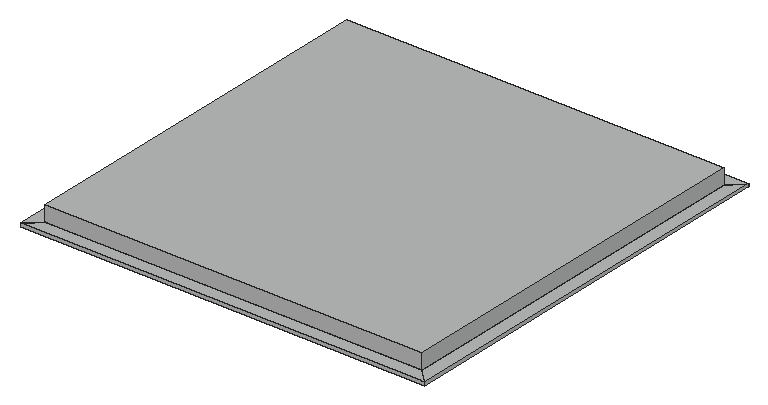
Revit family "AVRORA", category Осветительные приборы, Revit 2019 (continued)
Types (10, lengths in mm): name | built-in parameter 1150134 | Файл фотометрической сетки | built-in parameter 1150142 | built-in parameter 1150107 | Emit from Rectangle Width | Emit from Rectangle Length | Длина | Ширина | ADSK_Обозначение | ADSK_Наименование | ADSK_Код изделия
    39.700 699.700 659.600 618.900 577.800 536.400 494.900 453.500 411.300 368.800 325.700 284.500 242.100 203.700 161.800 126.000 92.200 \r\n61.000 30.300 6.700 1.000 \r\n1326.300 1325.200 1322.100 1316.600 1309.200 1299.600 1287.900 1272.700 1257.300 1238.300 1218.000 1196.100 1171.800 1146.500 1119.000 1090.600 1059.800 1028.900 996.100 \r\n962.400 927.400 891.500 854.800 817.300 778.800 740.100 700.200 659.900 619.500 578.500 536.800 495.000 453.600 411.400 368.600 325.700 284.600 241.700 203.400 161.300 125.500 91.600 \r\n60.800 30.800 5.700 1.000 \r\n1326.000 1325.200 1322.200 1316.800 1309.300 1299.500 1287.300 1273.000 1256.300 1238.900 1218.300 1196.700 1172.100 1146.700 1119.100 1091.100 1061.000 1029.100 996.400 \r\n962.500 927.600 891.500 854.900 817.400 779.200 740.100 700.300 660.200 619.200 578.300 536.900 495.700 453.600 411.400 368.100 325.700 284.300 241.800 203.400 161.200 125.300 91.600 \r\n60.600 31.000 5.000 1.000 \r\n1326.100 1326.100 1321.900 1316.900 1309.000 1299.400 1286.800 1273.300 1256.700 1239.200 1218.100 1196.400 1172.400 1146.800 1119.300 1091.200 1060.700 1029.300 996.500 \r\n962.400 927.700 891.800 855.300 817.700 779.600 740.400 700.600 660.400 619.600 578.500 537.200 495.700 453.800 411.300 367.800 325.600 284.100 242.000 203.500 161.500 124.800 91.700 \r\n60.100 31.100 5.400 1.000 \r\n1326.100 1325.200 1321.900 1316.900 1309.000 1299.300 1287.100 1273.300 1256.600 1238.600 1218.800 1196.100 1172.400 1147.100 1120.000 1091.300 1060.200 1029.500 997.500 \r\n962.400 927.900 892.100 855.400 818.000 779.800 740.800 700.800 660.700 620.100 579.200 537.500 496.100 454.000 411.500 367.600 325.700 284.100 242.100 202.900 161.700 124.500 91.600 \r\n59.600 30.700 5.300 0.900 \r\n1326.100 1324.900 1322.600 1316.600 1309.200 1299.500 1287.400 1273.400 1258.000 1238.500 1218.600 1197.100 1172.400 1147.100 1120.000 1091.300 1061.500 1029.700 997.800 \r\n963.700 928.100 892.600 855.600 818.100 780.000 740.800 700.500 661.000 620.000 579.200 537.700 496.700 454.300 411.300 367.400 325.600 283.400 242.200 202.500 161.900 124.500 91.100 \r\n59.100 30.500 5.100 0.900 \r\n1326.000 1325.200 1322.900 1316.800 1309.600 1299.500 1287.200 1273.100 1258.000 1238.700 1218.900 1196.200 1172.900 1147.200 1120.100 1091.500 1061.600 1030.000 997.400 \r\n963.100 928.400 892.500 855.900 818.300 780.000 741.300 701.200 661.200 620.300 579.800 538.000 496.600 454.200 411.100 367.500 325.500 283.000 242.300 201.300 162.000 124.700 90.300 \r\n58.500 30.300 5.000 0.800 \r\n1326.000 1325.700 1322.200 1316.900 1309.300 1299.600 1287.300 1273.400 1257.000 1239.600 1218.800 1196.900 1173.100 1147.500 1120.300 1092.000 1061.400 1030.400 998.400 \r\n964.000 928.600 892.600 855.900 818.500 780.200 741.400 701.500 661.400 620.500 579.800 538.100 496.300 454.300 410.900 367.500 325.600 282.200 242.500 200.500 162.100 125.000 89.700 \r\n58.200 29.800 3.700 0.800 \r\n1326.000 1325.600 1322.100 1317.100 1309.100 1299.900 1287.300 1273.400 1257.400 1238.500 1218.900 1197.000 1173.100 1147.700 1120.200 1092.100 1061.400 1030.000 997.500 \r\n963.000 928.900 893.300 856.100 818.600 780.400 741.600 701.800 661.600 620.700 579.900 538.200 496.500 454.500 410.800 367.500 325.500 281.800 242.600 200.300 162.000 125.100 89.300 \r\n57.700 29.300 4.000 0.800 \r\n1326.400 1325.700 1322.900 1317.100 1309.600 1299.800 1288.100 1273.700 1258.400 1238.600 1219.000 1197.900 1173.400 1147.900 1120.500 1092.000 1062.200 1030.300 997.100 \r\n962.800 929.200 893.200 856.400 818.900 780.700 741.800 701.600 661.900 621.200 580.000 538.400 497.100 454.500 410.700 367.500 325.500 281.600 242.600 200.200 161.800 125.100 89.300 \r\n57.300 29.400 4.200 0.700 \r\n1326.400 1325.800 1322.800 1317.200 1309.500 1299.700 1287.600 1273.800 1258.100 1238.700 1219.400 1197.000 1173.400 1147.700 1120.800 1092.200 1061.500 1030.400 997.400 \r\n964.300 929.400 893.400 856.600 819.000 781.000 741.900 702.200 662.200 621.300 580.500 538.700 497.000 454.600 410.500 367.600 325.600 281.500 242.700 200.500 161.600 125.000 89.500 \r\n57.300 28.900 4.400 0.700 \r\n1326.200 1325.900 1322.700 1317.100 1309.300 1299.800 1287.600 1273.900 1257.600 1239.500 1219.400 1197.500 1173.200 1147.700 1121.000 1092.000 1061.500 1030.500 998.600 \r\n964.400 929.500 893.400 856.800 819.400 781.300 742.200 702.300 662.100 621.400 580.900 538.800 497.000 454.600 410.400 367.700 325.600 281.900 242.700 200.200 161.200 124.800 89.400 \r\n57.600 28.000 4.500 0.600 \r\n1326.400 1325.500 1322.900 1317.100 1309.400 1299.800 1287.600 1273.600 1258.100 1239.300 1219.700 1197.400 1173.100 1147.800 1120.800 1092.100 1061.300 1030.600 998.300 \r\n965.000 929.700 893.400 857.000 819.500 781.500 742.200 702.600 662.100 621.600 580.400 538.900 497.300 454.700 410.500 367.700 325.400 281.800 242.700 200.500 160.700 124.600 89.500 \r\n57.800 27.700 4.700 0.600 \r\n1326.200 1326.100 1322.600 1317.100 1309.800 1300.000 1287.900 1273.800 1258.300 1239.800 1219.400 1197.000 1173.800 1148.100 1120.900 1092.300 1063.000 1030.700 998.300 \r\n964.500 929.800 893.900 857.000 819.800 781.700 742.600 702.700 662.500 621.700 580.900 539.100 497.600 454.700 410.400 367.800 325.400 282.000 242.900 200.600 160.400 124.500 89.500 \r\n57.900 28.400 4.200 0.600 \r\n1326.100 1325.500 1322.800 1317.100 1309.500 1300.100 1287.900 1273.900 1257.800 1239.800 1219.100 1196.800 1174.000 1148.200 1121.200 1092.500 1062.200 1031.000 998.700 \r\n964.500 929.700 894.500 857.100 819.900 781.800 742.600 703.000 662.600 621.600 580.700 539.200 497.600 454.700 410.500 367.900 325.400 282.100 242.900 200.700 160.200 124.200 89.600 \r\n57.800 28.500 3.900 0.600 \r\n1326.200 1325.400 1322.500 1317.400 1309.600 1300.300 1287.500 1273.800 1258.300 1239.800 1219.100 1197.500 1174.100 1148.400 1121.100 1093.000 1062.700 1031.200 998.400 \r\n964.000 929.800 894.600 857.300 819.900 781.900 742.600 703.100 662.800 621.900 580.800 539.300 497.400 454.800 410.600 368.000 325.500 282.200 242.900 200.900 160.200 124.100 89.500 \r\n57.800 28.500 3.800 0.500 \r\n1326.100 1325.200 1322.400 1317.100 1309.800 1300.200 1287.700 1274.100 1258.400 1240.300 1219.400 1197.800 1173.900 1148.300 1121.200 1092.600 1063.200 1031.200 998.900 \r\n965.200 930.100 893.800 857.500 820.100 782.000 742.900 702.900 662.700 622.000 581.100 539.600 497.900 455.000 410.800 368.100 325.800 282.300 243.100 200.900 160.300 124.200 89.500 \r\n57.800 28.500 3.800 0.500 \r\n1326.100 1325.400 1322.500 1317.300 1310.000 1300.200 1288.500 1274.200 1258.200 1240.200 1219.300 1197.400 1173.800 1148.500 1121.300 1092.900 1062.200 1031.300 \r\n999.100 965.100 930.200 894.200 857.700 820.200 782.000 743.000 703.100 663.000 622.100 581.400 539.700 497.800 455.000 410.600 368.100 325.800 282.400 243.100 200.800 160.200 \r\n124.300 89.500 57.500 27.800 3.500 0.500 \r\n1326.200 1325.900 1322.500 1317.500 1310.000 1300.100 1288.100 1274.300 1258.500 1239.600 1219.800 1197.700 1174.300 1148.500 1121.300 1092.500 1063.100 1031.400 998.900 \r\n965.700 930.200 894.100 857.800 820.200 782.000 743.200 703.400 663.100 622.200 581.000 540.000 497.900 455.200 410.900 368.300 325.900 282.400 243.200 200.800 160.300 124.100 89.000 \r\n56.700 27.700 3.900 0.500 \r\n1326.200 1325.800 1322.800 1317.500 1309.900 1300.000 1288.800 1274.200 1258.500 1239.900 1219.700 1197.400 1174.400 1148.500 1121.500 1092.600 1062.600 1031.800 998.900 \r\n965.100 930.400 894.800 857.800 820.400 782.000 743.300 703.600 663.000 622.200 581.400 540.100 497.900 455.400 411.200 368.500 326.100 282.500 243.200 200.700 160.400 123.600 88.300 \r\n56.900 28.500 4.000 0.600 \r\n1325.900 1326.000 1322.700 1317.300 1309.900 1299.900 1288.900 1274.200 1258.600 1239.300 1219.600 1197.500 1174.100 1148.700 1121.700 1092.400 1063.100 1031.900 998.700 \r\n965.600 930.300 895.400 857.800 820.400 782.100 743.200 703.300 663.100 622.000 581.400 540.100 497.900 455.500 411.300 368.500 326.200 282.400 243.000 200.400 160.100 123.300 88.600 \r\n57.700 27.900 4.200 0.700 \r\n1325.700 1325.700 1322.500 1317.200 1310.100 1300.000 1288.500 1274.100 1258.800 1240.300 1219.600 1197.500 1173.600 1148.800 1121.800 1092.600 1063.300 1031.800 \r\n999.400 965.600 930.200 895.000 857.700 820.500 782.200 743.300 703.400 663.500 622.700 581.300 540.100 498.100 455.600 411.400 368.600 326.100 282.200 242.600 200.200 160.100 \r\n124.000 89.400 58.200 28.400 5.000 0.700 \r\n1326.000 1325.800 1322.400 1317.400 1309.900 1299.900 1288.200 1274.300 1257.500 1240.600 1219.500 1198.100 1173.500 1148.600 1121.500 1092.700 1063.300 1031.900 \r\n999.700 965.300 930.500 894.800 857.800 820.600 782.100 743.400 703.500 663.600 622.500 581.400 540.000 498.300 455.700 411.600 368.600 326.000 282.000 242.400 200.400 160.900 \r\n124.900 90.100 57.700 29.300 5.200 0.800 \r\n1326.000 1325.500 1322.800 1317.300 1310.100 1300.300 1288.700 1274.300 1258.600 1240.300 1220.000 1198.000 1174.300 1148.700 1121.600 1092.700 1063.400 1031.500 \r\n999.100 965.600 930.500 894.500 857.900 820.700 782.300 743.400 703.900 663.600 622.300 581.700 540.000 498.300 455.600 411.700 368.400 325.900 281.900 242.700 200.800 161.800 \r\n125.600 90.200 57.500 30.000 4.900 0.800 \r\n1326.200 1325.500 1322.700 1317.500 1310.300 1300.100 1288.100 1274.400 1257.900 1239.300 1220.300 1198.000 1174.200 1148.600 1121.800 1092.700 1063.900 1031.700 \r\n999.300 965.700 930.500 894.900 857.900 820.800 782.500 743.300 703.600 663.600 622.800 581.600 540.100 498.600 455.700 411.800 368.500 326.200 282.300 243.000 201.200 162.700 \r\n126.000 89.800 58.400 30.500 4.300 0.800 \r\n1326.300 1325.600 1322.600 1317.400 1310.200 1300.300 1288.300 1274.100 1257.700 1239.600 1220.200 1197.800 1174.100 1148.600 1121.500 1092.800 1063.000 1031.600 \r\n999.100 965.800 930.400 894.800 858.100 820.700 782.300 743.400 703.700 663.800 622.700 581.800 540.300 498.400 455.700 411.900 368.500 326.700 283.400 243.500 202.000 163.200 \r\n126.100 89.600 59.100 31.100 4.300 0.800 \r\n1326.100 1325.300 1322.300 1317.200 1310.200 1300.600 1288.500 1274.400 1258.500 1239.900 1220.100 1197.800 1174.100 1148.500 1121.500 1092.900 1063.300 1031.800 \r\n999.600 965.300 930.800 894.700 858.100 820.500 782.300 743.300 703.900 663.600 622.600 581.800 540.200 498.600 455.700 412.200 368.600 327.100 284.300 244.000 202.800 163.600 \r\n125.300 90.500 59.600 31.600 4.400 0.900 \r\n1326.100 1325.700 1322.000 1317.100 1310.300 1300.400 1288.700 1274.300 1257.600 1240.000 1219.800 1198.200 1174.000 1148.600 1121.600 1092.900 1063.400 1031.800 998.500 \r\n965.800 930.600 895.300 858.000 820.400 782.300 743.300 703.900 663.500 622.900 581.700 540.500 498.600 455.900 412.800 368.900 327.300 285.000 244.300 203.800 162.700 125.200 91.600 \r\n60.200 31.900 5.600 0.900 \r\n1326.300 1325.900 1322.200 1317.300 1310.100 1300.100 1288.200 1274.400 1258.500 1240.600 1220.000 1197.700 1174.100 1148.600 1121.500 1093.000 1064.100 1031.900 \r\n999.400 965.500 930.600 894.400 857.900 820.400 782.200 743.400 703.900 663.500 623.000 581.600 540.400 498.500 456.200 413.500 369.500 327.700 285.900 244.600 204.500 162.900 \r\n125.600 92.800 60.800 32.100 6.600 0.900 \r\n1326.000 1325.700 1322.500 1317.600 1310.300 1300.300 1288.800 1274.800 1258.800 1239.900 1220.100 1197.500 1174.600 1148.600 1121.400 1092.800 1063.400 1032.200 \r\n999.100 965.000 930.700 894.400 857.800 820.400 782.200 743.300 703.700 663.400 622.200 581.900 540.300 498.600 456.400 413.900 370.100 328.100 286.600 244.600 204.300 162.600 \r\n127.000 93.300 61.600 32.100 6.700 0.900 \r\n1326.000 1325.500 1322.500 1317.400 1310.000 1300.300 1288.600 1274.500 1258.400 1239.500 1219.700 1197.600 1174.800 1148.700 1121.600 1092.800 1063.300 1031.800 \r\n999.200 964.900 930.600 894.500 857.800 820.500 782.300 743.300 703.500 663.200 622.500 581.800 540.300 498.900 456.700 414.600 370.900 328.400 287.200 244.600 205.400 163.300 \r\n127.300 93.500 62.200 31.800 6.400 1.000 \r\n1326.100 1325.900 1322.600 1317.200 1310.100 1300.500 1288.600 1274.500 1258.200 1239.100 1219.600 1198.000 1174.600 1148.700 1121.600 1092.900 1063.400 1031.900 998.500 \r\n965.900 930.500 894.500 857.900 820.600 782.100 743.300 703.400 663.200 622.800 581.300 540.300 498.700 456.900 415.000 371.700 328.800 287.600 243.200 204.800 164.400 127.600 93.900 \r\n62.700 31.600 6.300 1.000 \r\n1325.900 1325.400 1322.700 1317.300 1310.200 1300.200 1288.400 1274.400 1257.600 1239.800 1219.700 1198.000 1174.500 1148.600 1121.700 1093.000 1062.800 1031.400 998.400 \r\n965.200 930.400 894.100 857.700 820.500 782.000 743.200 703.300 663.100 622.600 581.300 540.100 498.900 456.900 415.100 372.200 329.200 287.800 244.900 205.300 164.600 128.200 94.400 \r\n63.000 31.700 6.300 1.100 \r\n1325.800 1325.300 1322.300 1317.500 1310.000 1300.200 1289.300 1274.400 1257.700 1239.800 1219.700 1197.900 1174.300 1148.500 1121.500 1092.700 1062.600 1031.500 \r\n999.100 965.600 930.500 894.500 857.600 820.200 781.800 743.200 703.400 663.000 622.200 581.300 539.900 498.700 457.000 415.100 372.700 329.600 287.900 245.800 206.800 164.800 \r\n129.400 95.000 63.300 32.100 7.900 1.100 \r\n1326.000 1325.700 1322.500 1317.600 1310.200 1299.700 1288.400 1274.000 1257.800 1239.700 1219.600 1197.800 1174.000 1148.400 1121.500 1092.600 1063.500 1031.400 998.500 \r\n965.600 930.000 894.100 857.600 820.000 781.700 743.100 703.300 663.100 622.500 581.500 540.000 498.800 457.000 415.300 373.200 330.200 287.100 246.100 207.400 165.900 130.600 96.000 \r\n64.000 33.000 9.100 1.100 \r\n1326.000 1325.500 1322.700 1317.500 1310.200 1300.000 1289.300 1274.500 1257.500 1239.800 1219.800 1197.900 1173.800 1148.400 1121.500 1092.500 1062.500 1031.400 998.300 \r\n965.700 929.900 894.100 857.600 819.900 781.600 743.100 703.200 663.100 622.700 581.400 540.000 498.600 456.900 415.200 373.400 330.800 287.400 246.800 207.400 167.100 131.400 97.100 \r\n64.300 34.000 10.000 1.100 \r\n1326.300 1325.500 1322.700 1317.400 1309.900 1300.100 1288.500 1274.500 1258.000 1239.500 1219.600 1197.700 1173.700 1148.400 1121.500 1092.500 1062.900 1031.000 998.900 \r\n965.000 929.900 893.900 857.500 819.900 781.500 743.000 703.300 663.000 622.300 581.300 540.000 498.400 456.900 415.200 373.500 331.400 288.700 248.100 207.800 168.300 131.700 97.600 \r\n64.200 34.900 10.800 1.100 \r\n1326.600 1325.400 1322.800 1317.500 1310.000 1300.500 1288.500 1273.900 1258.700 1239.400 1219.700 1197.600 1174.000 1148.200 1121.700 1092.400 1063.500 1031.400 998.000 \r\n964.500 929.900 894.100 857.300 819.700 781.500 742.800 703.100 662.800 622.500 581.600 539.800 498.900 457.000 415.200 373.700 331.800 289.200 249.100 208.400 169.000 132.000 98.000 \r\n64.500 35.800 11.500 1.100 \r\n1326.500 1325.000 1322.500 1317.500 1310.100 1300.400 1288.200 1274.400 1258.600 1240.100 1219.600 1197.400 1173.600 1148.200 1121.400 1092.300 1062.600 1031.400 998.600 \r\n965.000 929.800 894.000 857.300 819.600 781.400 742.700 702.900 662.600 622.100 581.300 539.900 498.500 456.900 415.300 373.800 331.700 289.700 249.700 209.600 169.400 132.200 98.200 \r\n64.400 36.700 11.900 1.100 \r\n1326.400 1325.300 1322.600 1317.400 1310.300 1300.200 1288.700 1273.800 1258.500 1239.800 1219.700 1197.500 1173.600 1148.000 1121.000 1092.300 1062.300 1031.300 998.800 \r\n964.300 929.600 894.000 857.200 819.600 781.300 742.500 702.500 662.600 622.100 580.900 539.700 498.200 456.800 415.200 373.900 331.700 290.300 250.100 210.500 169.600 132.400 98.400 \r\n64.500 37.600 12.000 1.100 \r\n1326.400 1325.500 1322.500 1317.200 1310.400 1300.100 1288.000 1274.300 1258.500 1239.600 1219.700 1197.500 1173.400 1148.100 1121.000 1092.300 1062.600 1031.300 998.300 \r\n964.600 929.400 893.600 857.200 819.300 781.200 742.500 702.500 662.500 621.800 581.100 539.900 498.300 456.800 415.300 373.800 332.200 291.100 250.500 211.200 169.700 133.600 \r\n99.400 64.500 38.600 11.800 1.100 \r\n1326.300 1325.600 1322.500 1317.400 1310.500 1300.100 1288.200 1274.300 1257.800 1239.800 1219.300 1197.500 1173.400 1148.000 1120.800 1092.400 1062.500 1031.100 998.300 \r\n964.400 929.500 893.500 857.000 819.400 781.100 742.300 702.400 662.300 621.500 581.000 539.600 498.500 456.600 415.300 373.800 332.600 291.700 251.100 211.600 170.200 135.100 \r\n100.200 64.500 39.500 11.600 1.100 \r\n1326.200 1325.600 1322.500 1317.500 1310.30
